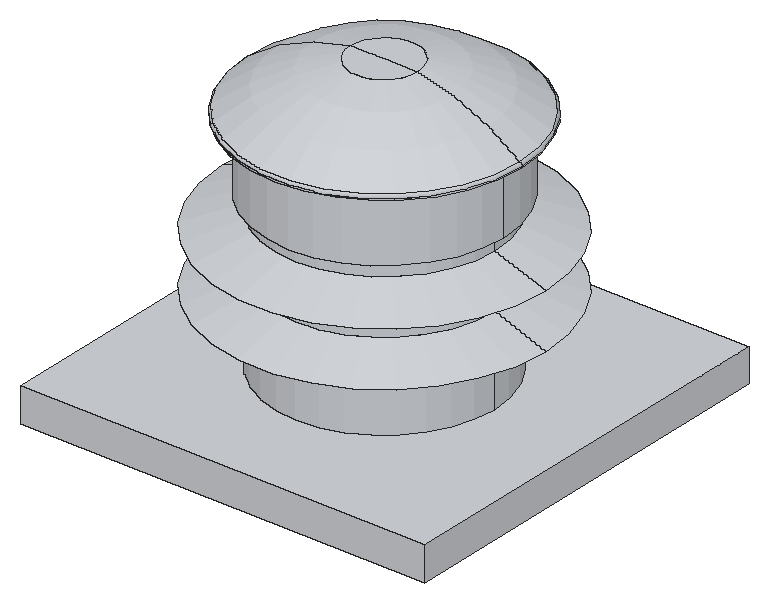
Revit family "PVVEX58-300", category Generic Models, host Face, Revit 2019
Family settings
  Host = Face
  Can host rebar = No
  Round Connector Dimension = Use Diameter
  Part Type = Normal
  Cut with Voids When Loaded = No
  Shared = No
  Room Calculation Point = No
Parameters
  Default Elevation = 48.00"
Reference planes (in)
  plane 1 "Center (Front/Back)": y = 0
  plane 2: z = 0
  plane 3 "Center (Left/Right)": x = 0
Forms (in)
  Extrusion 1, solid
    sketch origin (-69.20125, 31.17385, 0) x (1, 0, 0) y (0, 1, 0)
      loop
        line (57.20125, -19.17385) -> (57.20125, -43.17385) -> (81.20125, -43.17385) -> (81.20125, -19.17385) -> (57.20125, -19.17385)
    from 0 to 2
  Revolve 2, solid
    sketch origin (-36.63505, 0, 7.08328) x (1, 0, 0) y (0, 0, 1)
      loop
        arc (34.63523, 11.26667) -> (31.4323, 10.32531) -> (28.57886, 8.59245) r 12.88076
        arc (28.57886, 8.59245) -> (28.50985, 8.50557) -> (28.48523, 8.39738) r 0.25
        line (28.48523, 8.39738) -> (28.48523, 8.32179) -> (29.57027, 8.32179) -> (29.57027, 4.23567) -> (30.06523, 4.23567) -> (30.06523, 3.37577) -> (27.05778, 2.28115) -> (30.06523, 2.28115) -> (30.06523, 0.16172) -> (27.05778, -0.9329) -> (30.10523, -0.9329) -> (30.10523, -5.08328) -> (36.63505, -5.08328) -> (36.63505, 11.26667) -> (34.63523, 11.26667)
      axis (36.63505, -5.08328) -> (36.63505, 11.26667)
    angle from 0 to 360
  Extrusion 3, solid
    sketch origin (-69.20125, 31.17385, 10.26) x (1, 0, 0) y (0, 1, 0)
      loop
        circle (69.20125, -31.17385) r 5.25
    from -15.10375 to -10.26
Lines and regions (in)
  symbolic lines
    curve 1: line (95.99374, 156.28449, 0) -> (97.99374, 156.28449, 0)
Dimensions and locks (in)
  aligned and locked: plane 2 to host face
  aligned and locked: level to host face
Connectors (in)
  hvac at (0, 0, -4.84375)
    settings: on Extrusion 3, index 1, duct flow 0 CFM, flow factor 0, pres drop 0.00 in-wg, loss coef 0, conn angle 0.00°, conn width 12", conn height 12", conn diameter 11", duct sys type 1, conn prof type 0, flow config 0, flow direction 0, loss method 0, conn ref index -1, conn util no, is conn primary yes, conn desc ""
